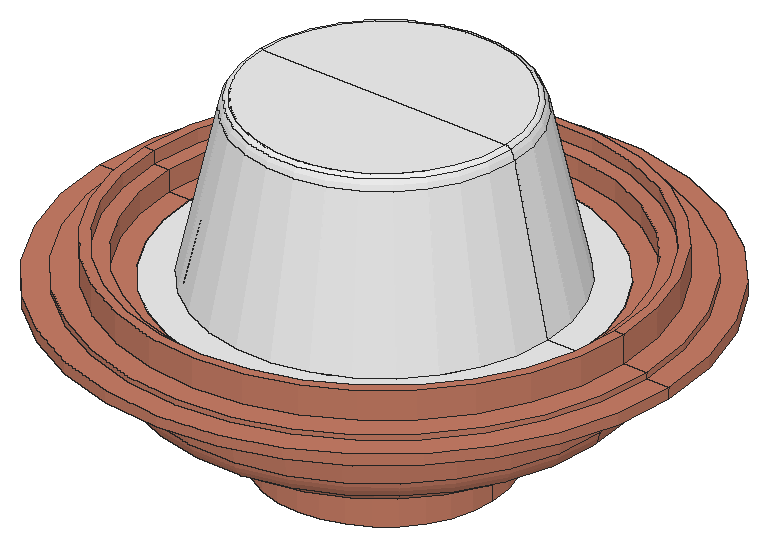
Revit family
Parameters (values of type "1070-06")
  Waste Connection = no
  Warranty = "1 year material and workmanship"  # constant formula
  Vent Connection = no
  URL = "http://www.jrsmith.com"
  Threaded = yes
  Technical and Installation = "http://www.jrsmith.com/products/roof/tech_data_index.htm"
  Stand Pipe Radius = 1 61/128"
  SmartBIM Object Version = 3  # constant formula
  SmartBIM Object Created By = "Reed Construction Data"  # constant formula
  Push On = yes
  Product URL = "http://www.jrsmith.com/products/roof/submittal/d1070.pdf"
  Outlet Radius = Pipe Diameter / 2  # 3"
  Pipe Diameter = 6"
  OmniClass Title = "Roof Drains"  # constant formula
  OmniClass Code = "22-22 14 26 13"  # constant formula
  No Hub = yes
  Model = "1070"  # constant formula
  Material Finish = Cast Iron
  Material = Duco coated
  Manufacturer = "Jay R. Smith Mfg. Co. "  # constant formula
  HW Connection = no
  Dome Free Area = "102.5"
  Description = "Duco cast iron body, flashing clamp and gravel stop with polyethylene dome, PVC standpipe or cast iron water dam"  # constant formula
  Default Elevation = 0"
  Caulk = yes
  CW Connection = no
  B = 4 1/2"
  Assembly Code = "D2040200"
  95 CSI = "15165"  # constant formula
  04 CSI = "22 14 35"  # constant formula
Types (6): name | Outlet Radius | Pipe Diameter
  (no name) | 3" | 6"
  1070-02 | 1" | 2"
  1070-03 | 1 1/2" | 3"
  1070-04 | 2" | 4"
  1070-05 | 2 1/2" | 5"
  1070-06 | 3" | 6"
Reference planes (in)
  plane 1 "Center (Front/Back)": y = 0
  plane 2: z = 0
  plane 3 "Center (Left/Right)": x = 0
  plane 4: z = 5.21049
  plane 5: z = 0.32422
  plane 6: z = -4.67578
Forms (in)
  Revolve 1, solid, material "Duco coated" <- "Material"
    sketch origin (0, 0, 0.32422) x (1, 0, 0) y (0, 0, 1)
      loop
        line (4.77738, -0.32422) -> (5.43773, -0.32422) -> (5.43773, -0.14562) -> (5.92609, -0.14562) -> (5.92609, 0) -> (5.00084, 0) -> (3.98359, 4.54006)
        arc (3.98359, 4.54006) -> (3.93671, 4.68205) -> (3.8626, 4.81192) r 0.75
        arc (3.8626, 4.81192) -> (3.79954, 4.86659) -> (3.71843, 4.88627) r 0.17694
        line (3.71843, 4.88627) -> (0, 4.88627) -> (0, 4.72186) -> (3.18837, 4.72186)
        arc (3.18837, 4.72186) -> (3.49887, 4.61376) -> (3.67512, 4.33621) r 0.5
        line (3.67512, 4.33621) -> (4.77738, -0.32422)
      axis (0, 4.88627) -> (0, -0.32422)
    angle from 0 to 360
  Revolve 2, solid, material "Cast Iron" <- "Material Finish"
    sketch origin (0, 0, 0.32422) x (1, 0, 0) y (0, 0, 1)
      loop
        line (-3.31738, -3.10851) -> (-3.31738, -5) -> (-3, -5) -> (-3, -2.77485) -> (-5.07569, -2.77485)
        arc (-5.07569, -2.77485) -> (-5.22335, -2.73557) -> (-5.31094, -2.61037) r 0.22268
        arc (-5.31094, -2.61037) -> (-5.39119, -2.45329) -> (-5.55818, -2.39646) r 0.23471
        line (-5.55818, -2.39646) -> (-5.62193, -2.39646)
        arc (-5.62193, -2.39646) -> (-5.7806, -2.33193) -> (-5.84921, -2.17499) r 0.22735
        line (-5.84921, -2.17499) -> (-5.93141, -2.17499) -> (-5.93139, 0) -> (-6.57263, 0) -> (-6.57263, 0.58659) -> (-7.02851, 0.58659) -> (-7.02851, 0.95903) -> (-7.30912, 0.95903) -> (-7.30912, 0.14858) -> (-8.00105, 0.14858) -> (-8.00105, 0) -> (-8.68747, 0) -> (-8.68747, -0.32418) -> (-6.73617, -0.9922) -> (-6.58289, -1.99216)
        arc (-6.58289, -1.99216) -> (-6.3208, -2.46428) -> (-5.81442, -2.65181) r 0.77744
        line (-5.81442, -2.65181) -> (-5.64807, -2.65181)
        arc (-5.64807, -2.65181) -> (-5.53827, -2.69729) -> (-5.49279, -2.8071) r 0.15529
        line (-5.49279, -2.8071) -> (-5.49279, -2.85851)
        arc (-5.49279, -2.85851) -> (-5.41956, -3.03529) -> (-5.24279, -3.10851) r 0.25
        line (-5.24279, -3.10851) -> (-3.31738, -3.10851)
      axis (0, -5) -> (0, 0.95903)
    angle from 0 to 360
  Extrusion 3, solid, material "Duco coated" <- "Material"
    sketch origin (0, 0, 0) x (1, 0, 0) y (0, 1, 0)
      loop
        circle (0, 0) r 2.29996
    from -3.04151 to -2.79151
  Extrusion 4, void
    sketch origin (0, 0, 0) x (1, 0, 0) y (0, 1, 0)
      loop
        circle (0, 0) r 3
    from -3.04151 to 0
  Revolve 5, solid, material "Duco coated" <- "Material"
    sketch origin (0, 0, 0) x (1, 0, 0) y (0, 0, 1)
      loop
        line (3.5, -1.80182) -> (3.5, 3.91693) -> (3, 3.91693) -> (3, -1.80182) -> (3.5, -1.80182)
      axis (0, 3.91693) -> (0, -1.80182)
    angle from 0 to 360
Cuts and joins
  Extrusion 4 cuts Extrusion 3
  Extrusion 4 cuts Revolve 1
Lines and regions (in)
  model lines
    curve 1: line (4.12047, -0.41095, 4.3704) -> (4.97588, -0.41095, 0.6652)
    curve 2: line (4.97588, 0.11201, 0.6652) -> (4.12047, 0.11201, 4.3704)
    curve 3: line (4.97588, -0.41095, 0.6652) -> (4.97588, 0.11201, 0.6652)
    curve 4: arc (4.12047, -0.41095, 4.3704) -> (4.06165, -0.14947, 4.62517) -> (4.12047, 0.11201, 4.3704) r 0.26148
    curve 9: line (3.88711, -1.42741, 4.3704) -> (4.71539, -1.64114, 0.6652)
    curve 10: line (4.84605, -1.13477, 0.6652) -> (4.01777, -0.92104, 4.3704)
    curve 11: line (4.71539, -1.64114, 0.6652) -> (4.84605, -1.13477, 0.6652)
    curve 12: arc (3.88711, -1.42741, 4.3704) -> (3.89548, -1.15953, 4.62517) -> (4.01777, -0.92104, 4.3704) r 0.26148
    curve 13: line (4.11654, 0.44861, 4.3704) -> (4.95352, 0.62522, 0.6652)
    curve 14: line (4.84555, 1.13691, 0.6652) -> (4.00857, 0.9603, 4.3704)
    curve 15: line (4.95352, 0.62522, 0.6652) -> (4.84555, 1.13691, 0.6652)
    curve 16: arc (4.11654, 0.44861, 4.3704) -> (4.005, 0.69231, 4.62517) -> (4.00857, 0.9603, 4.3704) r 0.26148
    curve 17: line (3.93523, 1.28884, 4.3704) -> (4.71771, 1.63444, 0.6652)
    curve 18: line (4.50643, 2.11281, 0.6652) -> (3.72394, 1.76721, 4.3704)
    curve 19: line (4.71771, 1.63444, 0.6652) -> (4.50643, 2.11281, 0.6652)
    curve 20: arc (3.93523, 1.28884, 4.3704) -> (3.77578, 1.50426, 4.62517) -> (3.72394, 1.76721, 4.3704) r 0.26148
    curve 21: line (3.58435, 2.07353, 4.3704) -> (4.27863, 2.57324, 0.6652)
    curve 22: line (3.97313, 2.99768, 0.6652) -> (3.27886, 2.49798, 4.3704)
    curve 23: line (4.27863, 2.57324, 0.6652) -> (3.97313, 2.99768, 0.6652)
    curve 24: arc (3.58435, 2.07353, 4.3704) -> (3.38387, 2.25139, 4.62517) -> (3.27886, 2.49798, 4.3704) r 0.26148
    curve 25: line (3.07903, 2.76888, 4.3704) -> (3.65518, 3.40116, 0.6652)
    curve 26: line (3.26864, 3.75339, 0.6652) -> (2.69249, 3.1211, 4.3704)
    curve 27: line (3.65518, 3.40116, 0.6652) -> (3.26864, 3.75339, 0.6652)
    curve 28: arc (3.07903, 2.76888, 4.3704) -> (2.84614, 2.90151, 4.62517) -> (2.69249, 3.1211, 4.3704) r 0.26148
    curve 29: line (2.44104, 3.34491, 4.3704) -> (2.87424, 4.08252, 0.6652)
    curve 30: line (2.4233, 4.34736, 0.6652) -> (1.9901, 3.60975, 4.3704)
    curve 31: line (2.87424, 4.08252, 0.6652) -> (2.4233, 4.34736, 0.6652)
    curve 32: arc (2.44104, 3.34491, 4.3704) -> (2.18578, 3.42661, 4.62517) -> (1.9901, 3.60975, 4.3704) r 0.26148
    curve 33: line (1.69786, 3.77682, 4.3704) -> (1.96944, 4.58798, 0.6652)
    curve 34: line (1.47354, 4.75401, 0.6652) -> (1.20196, 3.94285, 4.3704)
    curve 35: line (1.96944, 4.58798, 0.6652) -> (1.47354, 4.75401, 0.6652)
    curve 36: arc (1.69786, 3.77682, 4.3704) -> (1.43124, 3.80406, 4.62517) -> (1.20196, 3.94285, 4.3704) r 0.26148
    curve 37: line (0.88153, 4.04599, 4.3704) -> (0.97979, 4.89574, 0.6652)
    curve 38: line (0.46029, 4.95581, 0.6652) -> (0.36203, 4.10606, 4.3704)
    curve 39: line (0.97979, 4.89574, 0.6652) -> (0.46029, 4.95581, 0.6652)
    curve 40: arc (0.88153, 4.04599, 4.3704) -> (0.61502, 4.01759, 4.62517) -> (0.36203, 4.10606, 4.3704) r 0.26148
    curve 41: line (0.02721, 4.14082, 4.3704) -> (-0.05209, 4.99255, 0.6652)
    curve 42: line (-0.57279, 4.94407, 0.6652) -> (-0.4935, 4.09234, 4.3704)
    curve 43: line (-0.05209, 4.99255, 0.6652) -> (-0.57279, 4.94407, 0.6652)
    curve 44: arc (0.02721, 4.14082, 4.3704) -> (-0.22769, 4.05801, 4.62517) -> (-0.4935, 4.09234, 4.3704) r 0.26148
    curve 45: line (-0.82828, 4.05722, 4.3704) -> (-1.08172, 4.87423, 0.6652)
    curve 46: line (-1.5812, 4.71929, 0.6652) -> (-1.32776, 3.90229, 4.3704)
    curve 47: line (-1.08172, 4.87423, 0.6652) -> (-1.5812, 4.71929, 0.6652)
    curve 48: arc (-0.82828, 4.05722, 4.3704) -> (-1.0606, 3.92358, 4.62517) -> (-1.32776, 3.90229, 4.3704) r 0.26148
    curve 49: line (-1.64809, 3.79881, 4.3704) -> (-2.06474, 4.54589, 0.6652)
    curve 50: line (-2.52147, 4.29117, 0.6652) -> (-2.10481, 3.54409, 4.3704)
    curve 51: line (-2.06474, 4.54589, 0.6652) -> (-2.52147, 4.29117, 0.6652)
    curve 52: arc (-1.64809, 3.79881, 4.3704) -> (-1.8478, 3.62007, 4.62517) -> (-2.10481, 3.54409, 4.3704) r 0.26148
    curve 53: line (-2.39687, 3.3767, 4.3704) -> (-2.95879, 4.02166, 0.6652)
    curve 54: line (-3.35309, 3.67814, 0.6652) -> (-2.79117, 3.03317, 4.3704)
    curve 55: line (-2.95879, 4.02166, 0.6652) -> (-3.35309, 3.67814, 0.6652)
    curve 56: arc (-2.39687, 3.3767, 4.3704) -> (-2.55538, 3.16059, 4.62517) -> (-2.79117, 3.03317, 4.3704) r 0.26148
    curve 57: line (-3.04238, 2.8091, 4.3704) -> (-3.72535, 3.32415, 0.6652)
    curve 58: line (-4.04023, 2.90662, 0.6652) -> (-3.35726, 2.39156, 4.3704)
    curve 59: line (-3.72535, 3.32415, 0.6652) -> (-4.04023, 2.90662, 0.6652)
    curve 60: arc (-3.04238, 2.8091, 4.3704) -> (-3.15286, 2.56491, 4.62517) -> (-3.35726, 2.39156, 4.3704) r 0.26148
    curve 61: line (-3.5568, 2.12045, 4.3704) -> (-4.33139, 2.48341, 0.6652)
    curve 62: line (-4.55328, 2.00986, 0.6652) -> (-3.77869, 1.64691, 4.3704)
    curve 63: line (-4.33139, 2.48341, 0.6652) -> (-4.55328, 2.00986, 0.6652)
    curve 64: arc (-3.5568, 2.12045, 4.3704) -> (-3.61448, 1.85872, 4.62517) -> (-3.77869, 1.64691, 4.3704) r 0.26148
    curve 65: line (-3.91795, 1.34044, 4.3704) -> (-4.75079, 1.53565, 0.6652)
    curve 66: line (-4.87013, 1.0265, 0.6652) -> (-4.0373, 0.83128, 4.3704)
    curve 67: line (-4.75079, 1.53565, 0.6652) -> (-4.87013, 1.0265, 0.6652)
    curve 68: arc (-3.91795, 1.34044, 4.3704) -> (-3.92036, 1.07244, 4.62517) -> (-4.0373, 0.83128, 4.3704) r 0.26148
    curve 69: line (-4.11028, 0.50267, 4.3704) -> (-4.96548, 0.52173, 0.6652)
    curve 70: line (-4.97714, -0.0011, 0.6652) -> (-4.12194, -0.02016, 4.3704)
    curve 71: line (-4.96548, 0.52173, 0.6652) -> (-4.97714, -0.0011, 0.6652)
    curve 72: arc (-4.11028, 0.50267, 4.3704) -> (-4.05731, 0.23994, 4.62517) -> (-4.12194, -0.02016, 4.3704) r 0.26148
    curve 73: line (-4.12551, -0.35677, 4.3704) -> (-4.96622, -0.51468, 0.6652)
    curve 74: line (-4.86968, -1.02865, 0.6652) -> (-4.02897, -0.87073, 4.3704)
    curve 75: line (-4.96622, -0.51468, 0.6652) -> (-4.86968, -1.02865, 0.6652)
    curve 76: arc (-4.12551, -0.35677, 4.3704) -> (-4.01943, -0.60289, 4.62517) -> (-4.02897, -0.87073, 4.3704) r 0.26148
    curve 77: line (-3.96297, -1.20083, 4.3704) -> (-4.75296, -1.52891, 0.6652)
    curve 78: line (-4.55239, -2.01187, 0.6652) -> (-3.7624, -1.68379, 4.3704)
    curve 79: line (-4.75296, -1.52891, 0.6652) -> (-4.55239, -2.01187, 0.6652)
    curve 80: arc (-3.96297, -1.20083, 4.3704) -> (-3.80836, -1.41975, 4.62517) -> (-3.7624, -1.68379, 4.3704) r 0.26148
    curve 81: line (-3.62967, -1.99314, 4.3704) -> (-4.33491, -2.47725, 0.6652)
    curve 82: line (-4.03895, -2.9084, 0.6652) -> (-3.33371, -2.42429, 4.3704)
    curve 83: line (-4.33491, -2.47725, 0.6652) -> (-4.03895, -2.9084, 0.6652)
    curve 84: arc (-3.62967, -1.99314, 4.3704) -> (-3.43319, -2.17543, 4.62517) -> (-3.33371, -2.42429, 4.3704) r 0.26148
    curve 85: line (-3.13997, -2.69958, 4.3704) -> (-3.73007, -3.31886, 0.6652)
    curve 86: line (-3.35146, -3.67962, 0.6652) -> (-2.76137, -3.06033, 4.3704)
    curve 87: line (-3.73007, -3.31886, 0.6652) -> (-3.35146, -3.67962, 0.6652)
    curve 88: arc (-3.13997, -2.69958, 4.3704) -> (-2.91009, -2.83737, 4.62517) -> (-2.76137, -3.06033, 4.3704) r 0.26148
    curve 89: line (-2.51497, -3.28969, 4.3704) -> (-2.9645, -4.01746, 0.6652)
    curve 90: line (-2.51957, -4.29228, 0.6652) -> (-2.07005, -3.5645, 4.3704)
    curve 91: line (-2.9645, -4.01746, 0.6652) -> (-2.51957, -4.29228, 0.6652)
    curve 92: arc (-2.51497, -3.28969, 4.3704) -> (-2.2616, -3.37705, 4.62517) -> (-2.07005, -3.5645, 4.3704) r 0.26148
    curve 93: line (-1.7816, -3.73805, 4.3704) -> (-2.07119, -4.54295, 0.6652)
    curve 94: line (-1.57911, -4.71999, 0.6652) -> (-1.28953, -3.91509, 4.3704)
    curve 95: line (-2.07119, -4.54295, 0.6652) -> (-1.57911, -4.71999, 0.6652)
    curve 96: arc (-1.7816, -3.73805, 4.3704) -> (-1.51565, -3.77122, 4.62517) -> (-1.28953, -3.91509, 4.3704) r 0.26148
    curve 97: line (-0.97147, -4.02534, 4.3704) -> (-1.08864, -4.87269, 0.6652)
    curve 98: line (-0.57061, -4.94432, 0.6652) -> (-0.45344, -4.09697, 4.3704)
    curve 99: line (-1.08864, -4.87269, 0.6652) -> (-0.57061, -4.94432, 0.6652)
    curve 100: arc (-0.97147, -4.02534, 4.3704) -> (-0.7044, -4.00289, 4.62517) -> (-0.45344, -4.09697, 4.3704) r 0.26148
    curve 101: line (-0.11947, -4.13918, 4.3704) -> (-0.05918, -4.99247, 0.6652)
    curve 102: line (0.46248, -4.9556, 0.6652) -> (0.40218, -4.10232, 4.3704)
    curve 103: line (-0.05918, -4.99247, 0.6652) -> (0.46248, -4.9556, 0.6652)
    curve 104: arc (-0.11947, -4.13918, 4.3704) -> (0.13721, -4.06208, 4.62517) -> (0.40218, -4.10232, 4.3704) r 0.26148
    curve 105: line (0.73767, -4.07467, 4.3704) -> (0.97283, -4.89712, 0.6652)
    curve 106: line (1.47564, -4.75335, 0.6652) -> (1.24047, -3.9309, 4.3704)
    curve 107: line (0.97283, -4.89712, 0.6652) -> (1.47564, -4.75335, 0.6652)
    curve 108: arc (0.73767, -4.07467, 4.3704) -> (0.9729, -3.94624, 4.62517) -> (1.24047, -3.9309, 4.3704) r 0.26148
    curve 109: line (1.56302, -3.83459, 4.3704) -> (1.96293, -4.59077, 0.6652)
    curve 110: line (2.42522, -4.34629, 0.6652) -> (2.02532, -3.59011, 4.3704)
    curve 111: line (1.96293, -4.59077, 0.6652) -> (2.42522, -4.34629, 0.6652)
    curve 112: arc (1.56302, -3.83459, 4.3704) -> (1.76667, -3.66035, 4.62517) -> (2.02532, -3.59011, 4.3704) r 0.26148
    curve 113: line (2.32103, -3.42927, 4.3704) -> (2.86844, -4.0866, 0.6652)
    curve 114: line (3.27029, -3.75194, 0.6652) -> (2.72289, -3.09462, 4.3704)
    curve 115: line (2.86844, -4.0866, 0.6652) -> (3.27029, -3.75194, 0.6652)
    curve 116: arc (2.32103, -3.42927, 4.3704) -> (2.48432, -3.21675, 4.62517) -> (2.72289, -3.09462, 4.3704) r 0.26148
    curve 117: line (2.97903, -2.8762, 4.3704) -> (3.65035, -3.40634, 0.6652)
    curve 118: line (3.97446, -2.99593, 0.6652) -> (3.30313, -2.46578, 4.3704)
    curve 119: line (3.65035, -3.40634, 0.6652) -> (3.97446, -2.99593, 0.6652)
    curve 120: arc (2.97903, -2.8762, 4.3704) -> (3.09492, -2.63454, 4.62517) -> (3.30313, -2.46578, 4.3704) r 0.26148
    curve 121: line (3.50866, -2.19918, 4.3704) -> (4.27497, -2.57931, 0.6652)
    curve 122: line (4.50736, -2.11083, 0.6652) -> (3.74105, -1.7307, 4.3704)
    curve 123: line (4.27497, -2.57931, 0.6652) -> (4.50736, -2.11083, 0.6652)
    curve 124: arc (3.50866, -2.19918, 4.3704) -> (3.57216, -1.9388, 4.62517) -> (3.74105, -1.7307, 4.3704) r 0.26148
  model lines, not visible
    curve 5: line (4.12047, -0.41095, 4.3704) -> (4.97588, -0.41095, 0.6652)
    curve 6: line (4.97588, 0.11201, 0.6652) -> (4.12047, 0.11201, 4.3704)
    curve 7: line (4.97588, -0.41095, 0.6652) -> (4.97588, 0.11201, 0.6652)
    curve 8: arc (4.12047, -0.41095, 4.3704) -> (4.06165, -0.14947, 4.62517) -> (4.12047, 0.11201, 4.3704) r 0.26148
  symbolic lines
    curve 125: arc (-5.00084, 0, 0) -> (0, 5.00084, 0) -> (5.00084, 0, 0) r 5.00084
    curve 126: arc (5.00084, 0, 0) -> (0, -5.00084, 0) -> (-5.00084, 0, 0) r 5.00084
    curve 127: arc (-3.43454, 0, 0) -> (0, -3.43454, 0) -> (3.43454, 0, 0) r 3.43454
    curve 128: arc (3.43454, 0, 0) -> (0, 3.43454, 0) -> (-3.43454, 0, 0) r 3.43454
    curve 129: line (-4.47328, 1.96524, 0) -> (-3.69869, 1.60229, 0)
    curve 130: spline (-3.69869, 1.60229, 0) -> (-3.68112, 1.6039, 0) -> (-3.65719, 1.62153, 0) -> (-3.62853, 1.65399, 0) -> (-3.59709, 1.69906, 0) -> (-3.56501, 1.75367, 0) -> (-3.53448, 1.8141, 0) -> (-3.50758, 1.87624, 0) -> (-3.48614, 1.93583, 0) -> (-3.47163, 1.98884, 0) -> (-3.46503, 2.03163, 0) -> (-3.46679, 2.06131, 0) -> (-3.47679, 2.07583, 0)
    curve 131: line (-3.47679, 2.07583, 0) -> (-4.25139, 2.43879, 0)
    curve 132: line (-4.25139, 2.43879, 0) -> (-4.47328, 1.96524, 0)
    curve 133: line (4.8845, 0.11846, 0) -> (4.02909, 0.11846, 0)
    curve 134: spline (4.02909, 0.11846, 0) -> (4.01387, 0.10956, 0) -> (3.99968, 0.08343, 0) -> (3.9875, 0.04188, 0) -> (3.97815, -0.01227, 0) -> (3.97228, -0.07534, 0) -> (3.97027, -0.14301, 0) -> (3.97228, -0.21069, 0) -> (3.97815, -0.27375, 0) -> (3.9875, -0.32791, 0) -> (3.99968, -0.36946, 0) -> (4.01387, -0.39558, 0) -> (4.02909, -0.40449, 0)
    curve 135: line (4.02909, -0.40449, 0) -> (4.8845, -0.40449, 0)
    curve 136: line (4.8845, -0.40449, 0) -> (4.8845, 0.11846, 0)
    curve 141: line (4.75919, -1.10568, 0) -> (3.9309, -0.89196, 0)
    curve 142: spline (3.9309, -0.89196, 0) -> (3.91394, -0.89678, 0) -> (3.89368, -0.91853, 0) -> (3.8715, -0.95572, 0) -> (3.84892, -1.00583, 0) -> (3.82747, -1.06542, 0) -> (3.80862, -1.13045, 0) -> (3.79365, -1.19648, 0) -> (3.78359, -1.25901, 0) -> (3.77911, -1.31378, 0) -> (3.78052, -1.35706, 0) -> (3.78773, -1.3859, 0) -> (3.80024, -1.39833, 0)
    curve 143: line (3.80024, -1.39833, 0) -> (4.62853, -1.61205, 0)
    curve 144: line (4.62853, -1.61205, 0) -> (4.75919, -1.10568, 0)
    curve 145: line (4.75481, 1.12436, 0) -> (3.91783, 0.94775, 0)
    curve 146: spline (3.91783, 0.94775, 0) -> (3.90477, 0.93589, 0) -> (3.89628, 0.9074, 0) -> (3.89294, 0.86423, 0) -> (3.89498, 0.80931, 0) -> (3.90225, 0.74639, 0) -> (3.91426, 0.67976, 0) -> (3.93019, 0.61396, 0) -> (3.94896, 0.55347, 0) -> (3.96929, 0.50241, 0) -> (3.98979, 0.46427, 0) -> (4.00906, 0.44164, 0) -> (4.0258, 0.43606, 0)
    curve 147: line (4.0258, 0.43606, 0) -> (4.86278, 0.61267, 0)
    curve 148: line (4.86278, 0.61267, 0) -> (4.75481, 1.12436, 0)
    curve 149: line (4.42024, 2.0818, 0) -> (3.63775, 1.7362, 0)
    curve 150: spline (3.63775, 1.7362, 0) -> (3.62742, 1.7219, 0) -> (3.625, 1.69227, 0) -> (3.63064, 1.64934, 0) -> (3.64397, 1.59603, 0) -> (3.66408, 1.53596, 0) -> (3.68959, 1.47325, 0) -> (3.71876, 1.41215, 0) -> (3.74962, 1.35684, 0) -> (3.78005, 1.31108, 0) -> (3.80798, 1.27799, 0) -> (3.83151, 1.25983, 0) -> (3.84903, 1.25783, 0)
    curve 151: line (3.84903, 1.25783, 0) -> (4.63152, 1.60343, 0)
    curve 152: line (4.63152, 1.60343, 0) -> (4.42024, 2.0818, 0)
    curve 153: line (3.8952, 2.94955, 0) -> (3.20092, 2.44984, 0)
    curve 154: spline (3.20092, 2.44984, 0) -> (3.19377, 2.43371, 0) -> (3.19752, 2.40422, 0) -> (3.2119, 2.36338, 0) -> (3.23595, 2.31397, 0) -> (3.26802, 2.25935, 0) -> (3.30593, 2.20325, 0) -> (3.34709, 2.1495, 0) -> (3.3887, 2.10175, 0) -> (3.42792, 2.06325, 0) -> (3.46208, 2.03664, 0) -> (3.48886, 2.02373, 0) -> (3.50642, 2.02539, 0)
    curve 155: line (3.50642, 2.02539, 0) -> (4.2007, 2.5251, 0)
    curve 156: line (4.2007, 2.5251, 0) -> (3.8952, 2.94955, 0)
    curve 157: line (3.20232, 3.6902, 0) -> (2.62617, 3.05791, 0)
    curve 158: spline (2.62617, 3.05791, 0) -> (2.6225, 3.04066, 0) -> (2.63226, 3.01258, 0) -> (2.65477, 2.97559, 0) -> (2.6885, 2.9322, 0) -> (2.73115, 2.88539, 0) -> (2.77983, 2.83832, 0) -> (2.8312, 2.79422, 0) -> (2.88177, 2.75609, 0) -> (2.92809, 2.72652, 0) -> (2.96701, 2.70754, 0) -> (2.99588, 2.70043, 0) -> (3.01272, 2.70568, 0)
    curve 159: line (3.01272, 2.70568, 0) -> (3.58887, 3.33797, 0)
    curve 160: line (3.58887, 3.33797, 0) -> (3.20232, 3.6902, 0)
    curve 161: line (2.37146, 4.27184, 0) -> (1.93826, 3.53423, 0)
    curve 162: spline (1.93826, 3.53423, 0) -> (1.93823, 3.51659, 0) -> (1.95357, 3.49113, 0) -> (1.98323, 3.45958, 0) -> (2.0252, 3.42409, 0) -> (2.0766, 3.38709, 0) -> (2.13394, 3.35109, 0) -> (2.19331, 3.31855, 0) -> (2.25067, 3.29168, 0) -> (2.3021, 3.27231, 0) -> (2.3441, 3.26177, 0) -> (2.37381, 3.26078, 0) -> (2.3892, 3.26939, 0)
    curve 163: line (2.3892, 3.26939, 0) -> (2.82239, 4.007, 0)
    curve 164: line (2.82239, 4.007, 0) -> (2.37146, 4.27184, 0)
    curve 165: line (1.43841, 4.66941, 0) -> (1.16683, 3.85825, 0)
    curve 166: spline (1.16683, 3.85825, 0) -> (1.17045, 3.84099, 0) -> (1.19071, 3.81924, 0) -> (1.22625, 3.7945, 0) -> (1.27463, 3.76844, 0) -> (1.33257, 3.74285, 0) -> (1.39611, 3.71946, 0) -> (1.46092, 3.69988, 0) -> (1.52258, 3.68543, 0) -> (1.5769, 3.6771, 0) -> (1.62017, 3.67546, 0) -> (1.64945, 3.68062, 0) -> (1.66273, 3.69222, 0)
    curve 167: line (1.66273, 3.69222, 0) -> (1.93431, 4.50338, 0)
    curve 168: line (1.93431, 4.50338, 0) -> (1.43841, 4.66941, 0)
    curve 169: line (0.44338, 4.86578, 0) -> (0.34512, 4.01603, 0)
    curve 170: spline (0.34512, 4.01603, 0) -> (0.35223, 3.99988, 0) -> (0.37654, 3.98279, 0) -> (0.41642, 3.96592, 0) -> (0.46915, 3.95041, 0) -> (0.53112, 3.93733, 0) -> (0.59811, 3.92756, 0) -> (0.66557, 3.92178, 0) -> (0.72889, 3.92038, 0) -> (0.78376, 3.92344, 0) -> (0.82644, 3.93077, 0) -> (0.85402, 3.94186, 0) -> (0.86462, 3.95596, 0)
    curve 171: line (0.86462, 3.95596, 0) -> (0.96288, 4.80571, 0)
    curve 172: line (0.96288, 4.80571, 0) -> (0.44338, 4.86578, 0)
    curve 173: line (-0.57075, 4.85249, 0) -> (-0.49145, 4.00076, 0)
    curve 174: spline (-0.49145, 4.00076, 0) -> (-0.48117, 3.98643, 0) -> (-0.45385, 3.97472, 0) -> (-0.41134, 3.96645, 0) -> (-0.35656, 3.96216, 0) -> (-0.29322, 3.96215, 0) -> (-0.22565, 3.96643, 0) -> (-0.15845, 3.9747, 0) -> (-0.0962, 3.9864, 0) -> (-0.04315, 4.00073, 0) -> (-0.0029, 4.01671, 0) -> (0.02179, 4.03325, 0) -> (0.02925, 4.04924, 0)
    curve 175: line (0.02925, 4.04924, 0) -> (-0.05005, 4.90097, 0)
    curve 176: line (-0.05005, 4.90097, 0) -> (-0.57075, 4.85249, 0)
    curve 177: line (-1.56029, 4.63011, 0) -> (-1.30686, 3.8131, 0)
    curve 178: spline (-1.30686, 3.8131, 0) -> (-1.29384, 3.8012, 0) -> (-1.26468, 3.79539, 0) -> (-1.22139, 3.79607, 0) -> (-1.1669, 3.80318, 0) -> (-1.10492, 3.81625, 0) -> (-1.03969, 3.83439, 0) -> (-0.97565, 3.85635, 0) -> (-0.91716, 3.88065, 0) -> (-0.8682, 3.90562, 0) -> (-0.83212, 3.92957, 0) -> (-0.81138, 3.95086, 0) -> (-0.80738, 3.96804, 0)
    curve 179: line (-0.80738, 3.96804, 0) -> (-1.06081, 4.78504, 0)
    curve 180: line (-1.06081, 4.78504, 0) -> (-1.56029, 4.63011, 0)
    curve 181: line (-2.4826, 4.20822, 0) -> (-2.06595, 3.46114, 0)
    curve 182: spline (-2.06595, 3.46114, 0) -> (-2.05075, 3.45218, 0) -> (-2.02103, 3.45252, 0) -> (-1.9788, 3.46212, 0) -> (-1.92695, 3.48033, 0) -> (-1.86901, 3.50591, 0) -> (-1.80893, 3.53713, 0) -> (-1.7508, 3.57184, 0) -> (-1.69859, 3.60769, 0) -> (-1.65585, 3.64223, 0) -> (-1.62549, 3.67311, 0) -> (-1.60958, 3.69822, 0) -> (-1.60922, 3.71586, 0)
    curve 183: line (-1.60922, 3.71586, 0) -> (-2.02587, 4.46294, 0)
    curve 184: line (-2.02587, 4.46294, 0) -> (-2.4826, 4.20822, 0)
    curve 185: line (-3.29793, 3.605, 0) -> (-2.73602, 2.96004, 0)
    curve 186: spline (-2.73602, 2.96004, 0) -> (-2.7193, 2.95441, 0) -> (-2.69028, 2.96087, 0) -> (-2.65095, 2.97899, 0) -> (-2.60398, 3.00751, 0) -> (-2.55257, 3.04451, 0) -> (-2.50023, 3.08745, 0) -> (-2.45052, 3.13342, 0) -> (-2.40683, 3.17928, 0) -> (-2.37214, 3.2219, 0) -> (-2.34881, 3.25838, 0) -> (-2.33844, 3.28623, 0) -> (-2.34172, 3.30357, 0)
    curve 187: line (-2.34172, 3.30357, 0) -> (-2.90363, 3.94853, 0)
    curve 188: line (-2.90363, 3.94853, 0) -> (-3.29793, 3.605, 0)
    curve 189: line (-3.97116, 2.84645, 0) -> (-3.28819, 2.33139, 0)
    curve 190: spline (-3.28819, 2.33139, 0) -> (-3.27067, 2.32934, 0) -> (-3.24362, 2.34165, 0) -> (-3.20887, 2.36749, 0) -> (-3.1688, 2.4051, 0) -> (-3.12614, 2.45192, 0) -> (-3.08379, 2.50474, 0) -> (-3.04464, 2.55998, 0) -> (-3.01136, 2.61387, 0) -> (-2.98622, 2.66273, 0) -> (-2.97093, 2.70325, 0) -> (-2.96652, 2.73264, 0) -> (-2.97331, 2.74892, 0)
    curve 191: line (-2.97331, 2.74892, 0) -> (-3.65628, 3.26398, 0)
    curve 192: line (-3.65628, 3.26398, 0) -> (-3.97116, 2.84645, 0)
    curve 193: line (-4.78264, 0.99936, 0) -> (-3.94981, 0.80414, 0)
    curve 194: spline (-3.94981, 0.80414, 0) -> (-3.93295, 0.80934, 0) -> (-3.91318, 0.83154, 0) -> (-3.89183, 0.86922, 0) -> (-3.87037, 0.91981, 0) -> (-3.85026, 0.97987, 0) -> (-3.83287, 1.0453, 0) -> (-3.81937, 1.11164, 0) -> (-3.8107, 1.17438, 0) -> (-3.80744, 1.22924, 0) -> (-3.80982, 1.27248, 0) -> (-3.81767, 1.30115, 0) -> (-3.83046, 1.3133, 0)
    curve 195: line (-3.83046, 1.3133, 0) -> (-4.6633, 1.50851, 0)
    curve 196: line (-4.6633, 1.50851, 0) -> (-4.78264, 0.99936, 0)
    curve 197: line (-4.88593, -0.00959, 0) -> (-4.03073, -0.02865, 0)
    curve 198: spline (-4.03073, -0.02865, 0) -> (-4.01531, -0.02008, 0) -> (-4.00055, 0.00572, 0) -> (-3.98744, 0.04699, 0) -> (-3.97689, 0.10092, 0) -> (-3.96961, 0.16384, 0) -> (-3.9661, 0.23145, 0) -> (-3.96659, 0.29915, 0) -> (-3.97106, 0.36233, 0) -> (-3.9792, 0.41668, 0) -> (-3.99045, 0.4585, 0) -> (-4.00406, 0.48493, 0) -> (-4.01908, 0.49417, 0)
    curve 199: line (-4.01908, 0.49417, 0) -> (-4.87428, 0.51324, 0)
    curve 200: line (-4.87428, 0.51324, 0) -> (-4.88593, -0.00959, 0)
    curve 201: line (-4.77868, -1.01812, 0) -> (-3.93797, -0.86021, 0)
    curve 202: spline (-3.93797, -0.86021, 0) -> (-3.92466, -0.84865, 0) -> (-3.91554, -0.82035, 0) -> (-3.91124, -0.77727, 0) -> (-3.91205, -0.72232, 0) -> (-3.91791, -0.65925, 0) -> (-3.92844, -0.59237, 0) -> (-3.9429, -0.52623, 0) -> (-3.96031, -0.46533, 0) -> (-3.9795, -0.41383, 0) -> (-3.99914, -0.37524, 0) -> (-4.01791, -0.35219, 0) -> (-4.03451, -0.34624, 0)
    curve 203: line (-4.03451, -0.34624, 0) -> (-4.87522, -0.50416, 0)
    curve 204: line (-4.87522, -0.50416, 0) -> (-4.77868, -1.01812, 0)
    curve 205: line (-4.46553, -1.98279, 0) -> (-3.67553, -1.65471, 0)
    curve 206: spline (-3.67553, -1.65471, 0) -> (-3.66489, -1.64064, 0) -> (-3.66181, -1.61107, 0) -> (-3.6665, -1.56803, 0) -> (-3.67863, -1.51443, 0) -> (-3.69739, -1.45393, 0) -> (-3.7215, -1.39067, 0) -> (-3.74931, -1.32893, 0) -> (-3.77892, -1.27295, 0) -> (-3.80832, -1.22652, 0) -> (-3.83551, -1.19282, 0) -> (-3.85863, -1.17413, 0) -> (-3.87611, -1.17174, 0)
    curve 207: line (-3.87611, -1.17174, 0) -> (-4.6661, -1.49982, 0)
    curve 208: line (-4.6661, -1.49982, 0) -> (-4.46553, -1.98279, 0)
    curve 209: line (-3.95996, -2.86201, 0) -> (-3.25472, -2.3779, 0)
    curve 210: spline (-3.25472, -2.3779, 0) -> (-3.24721, -2.36194, 0) -> (-3.2503, -2.33237, 0) -> (-3.26377, -2.29122, 0) -> (-3.28671, -2.24128, 0) -> (-3.31756, -2.18597, 0) -> (-3.35421, -2.12904, 0) -> (-3.39416, -2.07438, 0) -> (-3.43469, -2.02571, 0) -> (-3.47305, -1.98635, 0) -> (-3.50661, -1.95899, 0) -> (-3.53309, -1.94548, 0) -> (-3.55068, -1.94675, 0)
    curve 211: line (-3.55068, -1.94675, 0) -> (-4.25592, -2.43087, 0)
    curve 212: line (-4.25592, -2.43087, 0) -> (-3.95996, -2.86201, 0)
    curve 213: line (-3.28376, -3.61792, 0) -> (-2.69366, -2.99863, 0)
    curve 214: spline (-2.69366, -2.99863, 0) -> (-2.68961, -2.98147, 0) -> (-2.69873, -2.95318, 0) -> (-2.72041, -2.91569, 0) -> (-2.75317, -2.87157, 0) -> (-2.79477, -2.82381, 0) -> (-2.84238, -2.77567, 0) -> (-2.89276, -2.73044, 0) -> (-2.94247, -2.69119, 0) -> (-2.98812, -2.6606, 0) -> (-3.02661, -2.64075, 0) -> (-3.05531, -2.633, 0) -> (-3.07226, -2.63788, 0)
    curve 215: line (-3.07226, -2.63788, 0) -> (-3.66236, -3.25716, 0)
    curve 216: line (-3.66236, -3.25716, 0) -> (-3.28376, -3.61792, 0)
    curve 217: line (-2.46606, -4.21793, 0) -> (-2.01653, -3.49016, 0)
    curve 218: spline (-2.01653, -3.49016, 0) -> (-2.01611, -3.47252, 0) -> (-2.03088, -3.44673, 0) -> (-2.05983, -3.41453, 0) -> (-2.101, -3.37811, 0) -> (-2.15156, -3.33997, 0) -> (-2.20809, -3.30271, 0) -> (-2.26672, -3.26885, 0) -> (-2.32346, -3.24071, 0) -> (-2.37444, -3.2202, 0) -> (-2.4162, -3.20873, 0) -> (-2.44588, -3.20707, 0) -> (-2.46146, -3.21534, 0)
    curve 219: line (-2.46146, -3.21534, 0) -> (-2.91098, -3.94311, 0)
    curve 220: line (-2.91098, -3.94311, 0) -> (-2.46606, -4.21793, 0)
    curve 221: line (-1.5421, -4.6362, 0) -> (-1.25252, -3.83129, 0)
    curve 222: spline (-1.25252, -3.83129, 0) -> (-1.25575, -3.81395, 0) -> (-1.27552, -3.79176, 0) -> (-1.3105, -3.76623, 0) -> (-1.35829, -3.7391, 0) -> (-1.41564, -3.71222, 0) -> (-1.47864, -3.68743, 0) -> (-1.543, -3.6664, 0) -> (-1.60433, -3.65058, 0) -> (-1.65845, -3.64105, 0) -> (-1.70168, -3.63844, 0) -> (-1.73106, -3.64295, 0) -> (-1.74459, -3.65425, 0)
    curve 223: line (-1.74459, -3.65425, 0) -> (-2.03418, -4.45916, 0)
    curve 224: line (-2.03418, -4.45916, 0) -> (-1.5421, -4.6362, 0)
    curve 225: line (-0.5517, -4.85469, 0) -> (-0.43453, -4.00734, 0)
    curve 226: spline (-0.43453, -4.00734, 0) -> (-0.44127, -3.99104, 0) -> (-0.4652, -3.97341, 0) -> (-0.5047, -3.95565, 0) -> (-0.55706, -3.93897, 0) -> (-0.61872, -3.92452, 0) -> (-0.68549, -3.91326, 0) -> (-0.7528, -3.90598, 0) -> (-0.81607, -3.90316, 0) -> (-0.871, -3.905, 0) -> (-0.91383, -3.91138, 0) -> (-0.94165, -3.92185, 0) -> (-0.95256, -3.93571, 0)
    curve 227: line (-0.95256, -3.93571, 0) -> (-1.06973, -4.78306, 0)
    curve 228: line (-1.06973, -4.78306, 0) -> (-0.5517, -4.85469, 0)
    curve 229: line (0.46248, -4.864, 0) -> (0.40218, -4.01072, 0)
    curve 230: spline (0.40218, -4.01072, 0) -> (0.39222, -3.99616, 0) -> (0.36516, -3.98385, 0) -> (0.32285, -3.97463, 0) -> (0.26818, -3.96912, 0) -> (0.20486, -3.9677, 0) -> (0.13721, -3.97048, 0) -> (0.06984, -3.97725, 0) -> (0.00735, -3.98755, 0) -> (-0.04601, -4.00069, 0) -> (-0.0866, -4.01577, 0) -> (-0.11166, -4.03177, 0) -> (-0.11947, -4.04758, 0)
    curve 231: line (-0.11947, -4.04758, 0) -> (-0.05918, -4.90086, 0)
    curve 232: line (-0.05918, -4.90086, 0) -> (0.46248, -4.864, 0)
    curve 233: line (1.45673, -4.66373, 0) -> (1.22156, -3.84128, 0)
    curve 234: spline (1.22156, -3.84128, 0) -> (1.20881, -3.82909, 0) -> (1.17979, -3.82263, 0) -> (1.13649, -3.82234, 0) -> (1.08186, -3.82824, 0) -> (1.01961, -3.83993, 0) -> (0.95399, -3.85661, 0) -> (0.88947, -3.87714, 0) -> (0.83045, -3.90013, 0) -> (0.78096, -3.924, 0) -> (0.74435, -3.94714, 0) -> (0.72314, -3.96796, 0) -> (0.71876, -3.98504, 0)
    curve 235: line (0.71876, -3.98504, 0) -> (0.95392, -4.80749, 0)
    curve 236: line (0.95392, -4.80749, 0) -> (1.45673, -4.66373, 0)
    curve 237: line (2.38821, -4.26249, 0) -> (1.98831, -3.50632, 0)
    curve 238: spline (1.98831, -3.50632, 0) -> (1.97331, -3.49702, 0) -> (1.94359, -3.49669, 0) -> (1.90116, -3.50535, 0) -> (1.84892, -3.5224, 0) -> (1.79042, -3.54669, 0) -> (1.72966, -3.57656, 0) -> (1.67077, -3.60997, 0) -> (1.61777, -3.64464, 0) -> (1.57427, -3.67822, 0) -> (1.54323, -3.70842, 0) -> (1.52677, -3.73317, 0) -> (1.52602, -3.75079, 0)
    curve 239: line (1.52602, -3.75079, 0) -> (1.92592, -4.50697, 0)
    curve 240: line (1.92592, -4.50697, 0) -> (2.38821, -4.26249, 0)
    curve 241: line (3.21678, -3.6776, 0) -> (2.66938, -3.02027, 0)
    curve 242: spline (2.66938, -3.02027, 0) -> (2.65279, -3.01427, 0) -> (2.62364, -3.02009, 0) -> (2.58391, -3.03732, 0) -> (2.53631, -3.06479, 0) -> (2.48409, -3.10063, 0) -> (2.43081, -3.1424, 0) -> (2.38009, -3.18725, 0) -> (2.33539, -3.23212, 0) -> (2.29975, -3.27396, 0) -> (2.27562, -3.30991, 0) -> (2.26462, -3.33753, 0) -> (2.26752, -3.35493, 0)
    curve 243: line (2.26752, -3.35493, 0) -> (2.81493, -4.01225, 0)
    curve 244: line (2.81493, -4.01225, 0) -> (3.21678, -3.6776, 0)
    curve 245: line (3.90675, -2.93423, 0) -> (3.23543, -2.40409, 0)
    curve 246: spline (3.23543, -2.40409, 0) -> (3.21796, -2.40164, 0) -> (3.19063, -2.41335, 0) -> (3.15532, -2.43841, 0) -> (3.11442, -2.47512, 0) -> (3.07073, -2.52097, 0) -> (3.02721, -2.57284, 0) -> (2.98684, -2.62719, 0) -> (2.95237, -2.68033, 0) -> (2.92614, -2.72862, 0) -> (2.90995, -2.76878, 0) -> (2.90489, -2.79807, 0) -> (2.91132, -2.8145, 0)
    curve 247: line (2.91132, -2.8145, 0) -> (3.58264, -3.34465, 0)
    curve 248: line (3.58264, -3.34465, 0) -> (3.90675, -2.93423, 0)
    curve 249: line (4.42837, -2.06444, 0) -> (3.66206, -1.68431, 0)
    curve 250: spline (3.66206, -1.68431, 0) -> (3.64447, -1.68553, 0) -> (3.62015, -1.70262, 0) -> (3.59077, -1.73444, 0) -> (3.55833, -1.7788, 0) -> (3.52504, -1.83268, 0) -> (3.49317, -1.89241, 0) -> (3.4649, -1.95393, 0) -> (3.44214, -2.01304, 0) -> (3.42645, -2.0657, 0) -> (3.41889, -2.10834, 0) -> (3.41999, -2.13805, 0) -> (3.42967, -2.1528, 0)
    curve 251: line (3.42967, -2.1528, 0) -> (4.19598, -2.53292, 0)
    curve 252: line (4.19598, -2.53292, 0) -> (4.42837, -2.06444, 0)
    curve 253: arc (7.31003, 0, 0) -> (0, 7.31003, 0) -> (-7.31003, 0, 0) r 7.31003
    curve 254: arc (-7.31003, 0, 0) -> (0, -7.31003, 0) -> (7.31003, 0, 0) r 7.31003
    curve 255: arc (-6.75285, 0, 0) -> (0, -6.75285, 0) -> (6.75285, 0, 0) r 6.75285
    curve 256: arc (6.75285, 0, 0) -> (0, 6.75285, 0) -> (-6.75285, 0, 0) r 6.75285
    curve 257: arc (6.10449, 0, 0) -> (0, 6.10449, 0) -> (-6.10449, 0, 0) r 6.10449
    curve 258: arc (5.78031, 0, 0) -> (0, 5.78031, 0) -> (-5.78031, 0, 0) r 5.78031
    curve 259: arc (-5.78031, 0, 0) -> (0, -5.78031, 0) -> (5.78031, 0, 0) r 5.78031
    curve 260: arc (-6.10449, 0, 0) -> (0, -6.10449, 0) -> (6.10449, 0, 0) r 6.10449
  symbolic lines, not visible
    curve 137: line (4.8845, 0.11846, 0) -> (4.02909, 0.11846, 0)
    curve 138: spline (4.02909, 0.11846, 0) -> (4.01387, 0.10956, 0) -> (3.99968, 0.08343, 0) -> (3.9875, 0.04188, 0) -> (3.97815, -0.01227, 0) -> (3.97228, -0.07534, 0) -> (3.97027, -0.14301, 0) -> (3.97228, -0.21069, 0) -> (3.97815, -0.27375, 0) -> (3.9875, -0.32791, 0) -> (3.99968, -0.36946, 0) -> (4.01387, -0.39558, 0) -> (4.02909, -0.40449, 0)
    curve 139: line (4.02909, -0.40449, 0) -> (4.8845, -0.40449, 0)
    curve 140: line (4.8845, -0.40449, 0) -> (4.8845, 0.11846, 0)
Dimensions and locks (in)
  locked: Revolve 5 sketch curve to Revolve 5 sketch curve at 0.5
  "Outlet Radius": Revolve 5 sketch curve to plane 3 "Center (Left/Right)"
  locked: Revolve 2 sketch curve to Revolve 2 sketch curve at 0.31738
  "Outlet Radius": plane 3 "Center (Left/Right)" to Revolve 2 sketch curve
  plane 4 to plane 5 = 4.88627"
  plane 5 to plane 6 = 5"
  aligned and locked: level to plane 2
  aligned and locked: curve 126 to Revolve 1
  aligned and locked: Revolve 2 sketch curve to plane 3 "Center (Left/Right)"
  aligned and locked: level to Extrusion 4
  aligned and locked: Revolve 5 sketch curve to plane 3 "Center (Left/Right)"
  aligned and locked: Revolve 2 to plane 5
  aligned and locked: level to Revolve 1 sketch curve
Automatic sketch dimensions
  curve 125 to curve 127 = 0"  (x2)
  curve 126 to curve 127 = 1.5663"
  Revolve 2 sketch curve to Revolve 2 sketch curve = 1.75831"
  Revolve 2 sketch curve to Revolve 2 sketch curve = 0.02006"
  Revolve 2 sketch curve to Revolve 2 sketch curve = 0.16709"
  Revolve 2 sketch curve to Revolve 2 sketch curve = 0.21519"
  Revolve 2 sketch curve to Revolve 2 sketch curve = 1/4"
  Revolve 2 sketch curve to Revolve 2 sketch curve = 0.05198"
  Revolve 2 sketch curve to Revolve 2 sketch curve = 0.01341"
  Revolve 2 sketch curve to Revolve 2 sketch curve = 0.06375"
  Revolve 2 sketch curve to Revolve 2 sketch curve = 0.10331"
  Revolve 2 sketch curve to Revolve 2 sketch curve = 0.19249"
  Revolve 2 sketch curve to Revolve 2 sketch curve = 0.22728"
  level to Revolve 2 sketch curve = 83/256"  (x2)
  Revolve 2 sketch curve to Revolve 2 sketch curve = 0.11697"
  Revolve 2 sketch curve to Revolve 2 sketch curve = 0.0822"
  Revolve 2 sketch curve to Revolve 2 sketch curve = 0.64124"
  Revolve 2 sketch curve to level = 1.66794"
  Revolve 2 sketch curve to Revolve 2 sketch curve = 0.65149"
  Revolve 2 sketch curve to level = 171/256"
  Revolve 2 sketch curve to Revolve 2 sketch curve = 0.16354"
  Revolve 2 sketch curve to Revolve 2 sketch curve = 0.45588"
  Revolve 2 sketch curve to Revolve 2 sketch curve = 0.28061"
  Revolve 2 sketch curve to Revolve 2 sketch curve = 0.69193"
  level to Revolve 2 sketch curve = 0.00004"
  Revolve 2 sketch curve to Revolve 2 sketch curve = 0.68642"
  Revolve 2 sketch curve to Revolve 2 sketch curve = 0.17694"
  Revolve 2 sketch curve to Revolve 2 sketch curve = 0.00588"
  Revolve 2 sketch curve to Revolve 2 sketch curve = 0.15662"
  Revolve 2 sketch curve to Revolve 2 sketch curve = 0.0573"
  Revolve 2 sketch curve to Revolve 2 sketch curve = 0.02102"
  Revolve 2 sketch curve to Revolve 2 sketch curve = 0.05142"
  Revolve 2 sketch curve to Revolve 2 sketch curve = 1.89149"
  Revolve 2 sketch curve to Revolve 2 sketch curve = 45.85327"
  Revolve 2 sketch curve to Revolve 2 sketch curve = 0.14858"
  Revolve 2 sketch curve to Revolve 2 sketch curve = 0.43801"
  Revolve 2 sketch curve to Revolve 2 sketch curve = 0.37244"
  Revolve 5 sketch curve to Revolve 5 sketch curve = 2 1/4"
  Extrusion 4 sketch curve to Extrusion 4 sketch curve = 0"  (x2)
  Extrusion 4 sketch curve to plane 1 "Center (Front/Back)" = 0"
  Extrusion 4 sketch curve to plane 3 "Center (Left/Right)" = 0"
  Extrusion 4 sketch curve to Extrusion 4 sketch curve = 3"
  Revolve 5 sketch curve to level = 1.80182"
  Revolve 5 sketch curve to Revolve 5 sketch curve = 3"
  Revolve 2 sketch curve to plane 4 = 1.80057"
  plane 4 to Revolve 5 sketch curve = 1.29356"
  Revolve 1 sketch curve to plane 3 "Center (Left/Right)" = 0"  (x2)
  Revolve 1 sketch curve to plane 4 = 0"
  plane 4 to Revolve 1 sketch curve = 0.16442"
  plane 3 "Center (Left/Right)" to Revolve 1 sketch curve = 3.18837"
  Revolve 1 sketch curve to Revolve 1 sketch curve = 0.06315"
  Revolve 1 sketch curve to Revolve 1 sketch curve = 0.4236"
  Revolve 1 sketch curve to Revolve 1 sketch curve = 0.04331"
  plane 4 to Revolve 1 sketch curve = 0.07435"
  Revolve 1 sketch curve to Revolve 1 sketch curve = 0.14417"
  Revolve 1 sketch curve to Revolve 1 sketch curve = 0"
  Revolve 1 sketch curve to Revolve 1 sketch curve = 0.121"
  Revolve 1 sketch curve to Revolve 1 sketch curve = 0.22346"
  Revolve 1 sketch curve to Revolve 1 sketch curve = 0.43689"
  Revolve 1 sketch curve to Revolve 1 sketch curve = 0.48836"
  plane 6 to Revolve 1 sketch curve = 41.65555"
  Revolve 1 sketch curve to Revolve 1 sketch curve = 0.1786"
  Revolve 1 sketch curve to Revolve 1 sketch curve = 0.15523"
  Revolve 1 sketch curve to plane 4 = 0.33248"
  Revolve 1 sketch curve to plane 5 = 0"
  plane 3 "Center (Left/Right)" to Revolve 1 sketch curve = 4.77738"
Connectors (in)
  piping at (0, 0, -4.67578), driven by "Outlet Radius"
    settings: on Revolve 2, index 1
